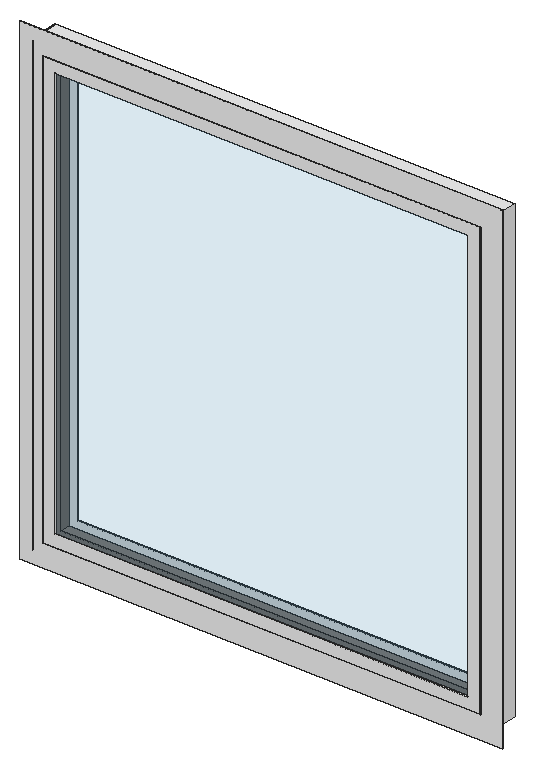
Revit family "Casement_34_G_Top_Hung_Standard", category Windows, host Wall, Revit 2014
Parameters (values of type "Casement_Sash_DG")
  Width Sash [instance] = 30 mm
  Width Sash Inner = 15 mm
  Width Bead = 15 mm
  Top Hung [instance] = yes
  Side Hung Right [instance] = yes
  Side Hung Left [instance] = yes
  Sash Opening Width [instance] = 600 mm
  Sash Opening Height [instance] = 600.312 mm
  Sash Lip = 15 mm
  Glazing Material [instance] = Glass
  DG Start Piece 2 [instance] = DG End Piece 1 + DG Gasket Thickness  # 25 mm
  DG Start Peice 1 [instance] = (Depth Sash - (2 * DG Glazing Thickness) - DG Gasket Thickness) / 2  # 6.6 mm
  Glazing Offset = 5 mm
  DG Glazing Thickness [instance] = 6.4 mm
  DG Gasket Thickness = 12 mm  # constant formula
  DG Gasket Material [instance] = Double Glazing Gasket Material
  DG End Piece 2 [instance] = DG Start Piece 2 + DG Glazing Thickness  # 31.4 mm
  DG End Piece 1 [instance] = DG Start Peice 1 + DG Glazing Thickness  # 13 mm
  Depth Sash [instance] = 38 mm
  Center Vertical Sash [instance] = Sash Opening Height / 2  # 300.156 mm
  Center Horizontal Sash [instance] = Sash Opening Width / 2  # 300 mm
  Bottom Hung [instance] = yes
  Bead Offset = 15 mm
  Aluminium Thickness = 1 mm
  Aluminium Material [instance] = White Powder Coated Aluminium
Reference planes
  plane 1 "Center (Front/Back)": y = 0
  plane 2: z = 0
  plane 3 "Center (Left/Right)": x = 0
Forms (mm)
  Sweep 1, solid, material "White Powder Coated Aluminium" <- "Aluminium Material"
    path origin (16.177, 0, 121.331) x (1, 0, 0) y (0, 0, 1)
      loop
        line (0, 0) -> (600, 0) -> (600, 600.312) -> (0, 600.312) -> (0, 0)
    profile origin (316.177, 0, 121.331) x (0, 0, 1) y (0, -1, 0)
      loop
        line (0, 0) -> (30, 0) -> (30, 1) -> (15, 1) -> (15, 38) -> (-15, 38) -> (-15, 37) -> (0, 37) -> (0, 0)
      loop
        line (14, 1) -> (14, 37) -> (1, 37) -> (1, 1) -> (14, 1)
  Sweep 2, solid, material "White Powder Coated Aluminium" <- "Aluminium Material"
    path origin (0, 0, 0) x (1, 0, 0) y (0, 0, 1)
      loop
        line (31.177, 706.643) -> (31.177, 136.331) -> (601.177, 136.331) -> (601.177, 706.643) -> (31.177, 706.643)
    profile origin (316.177, 0, 706.643) x (0, 0, 1) y (0, -1, 0)
      loop
        line (0, 37) -> (0, 38) -> (-15, 38) -> (-15, 37) -> (0, 37)
  Extrusion 3, solid, material "Glass" <- "Glazing Material"
    sketch origin (0, 0, 0) x (1, 0, 0) y (0, 0, 1)
      loop
        line (36.177, 701.643) -> (36.177, 141.331) -> (596.177, 141.331) -> (596.177, 701.643) -> (36.177, 701.643)
    from 6.6 <- "DG Start Peice 1" to 13 <- "DG End Piece 1"
  Extrusion 4, solid, material "Glass" <- "Glazing Material"
    sketch origin (0, 0, 0) x (1, 0, 0) y (0, 0, 1)
      loop
        line (36.177, 701.643) -> (36.177, 141.331) -> (596.177, 141.331) -> (596.177, 701.643) -> (36.177, 701.643)
    from 31.4 <- "DG End Piece 2" to 25 <- "DG Start Piece 2"
  Sweep 5, solid, material "Double Glazing Gasket Material" <- "DG Gasket Material"
    path origin (0, -13, 0) x (1, 0, 0) y (0, 0, 1)
      loop
        line (36.177, 701.643) -> (36.177, 141.331) -> (596.177, 141.331) -> (596.177, 701.643) -> (36.177, 701.643)
    profile origin (316.177, -13, 701.643) x (0, 0, 1) y (0, -1, 0)
      loop
        line (0, 0) -> (0, 12) -> (-7.96, 12) -> (-7.96, 0) -> (0, 0)
Lines and regions (mm)
  model lines
    curve 1: line (1.177, -38, 736.643) -> (31.177, -38, 706.643)
    curve 2: line (601.177, -38, 706.643) -> (631.177, -38, 736.643)
    curve 3: line (601.177, -38, 136.331) -> (631.177, -38, 106.331)
    curve 4: line (1.177, -38, 106.331) -> (31.177, -38, 136.331)
    curve 5: line (631.177, -37, 736.643) -> (616.177, -37, 721.643)
    curve 6: line (1.177, -37, 736.643) -> (16.177, -37, 721.643)
    curve 7: line (1.177, -37, 106.331) -> (16.177, -37, 121.331)
    curve 8: line (631.177, -37, 106.331) -> (616.177, -37, 121.331)
    curve 9: line (616.177, 0, 121.331) -> (586.177, 0, 151.331)
    curve 10: line (46.177, 0, 151.331) -> (16.177, 0, 121.331)
    curve 11: line (616.177, 0, 721.643) -> (586.177, 0, 691.643)
    curve 12: line (46.177, 0, 691.643) -> (16.177, 0, 721.643)
    curve 13: line (31.177, -38, 691.643) -> (46.177, -38, 691.643)
    curve 14: line (586.177, -38, 691.643) -> (601.177, -38, 691.643)
    curve 15: line (586.177, -38, 151.331) -> (601.177, -38, 151.331)
    curve 16: line (31.177, -38, 151.331) -> (46.177, -38, 151.331)
  model lines, style "GenericModelHiddenLines", visible <- "Top Hung"
    curve 17: line (46.386, -31.4, 690.914) -> (316.177, -31.4, 151.331)
    curve 18: line (316.177, -31.4, 151.331) -> (586.177, -31.4, 691.331)
  model lines, style "GenericModelHiddenLines", visible <- "Bottom Hung"
    curve 19: line (46.177, -31.4, 151.331) -> (316.177, -31.4, 691.331)
    curve 20: line (316.177, -31.4, 691.331) -> (586.177, -31.4, 151.331)
  model lines, style "GenericModelHiddenLines", visible <- "Side Hung Left"
    curve 21: line (46.386, -31.4, 690.914) -> (585.24, -31.4, 421.487)
    curve 22: line (585.24, -31.4, 421.487) -> (46.177, -31.4, 151.331)
  model lines, style "GenericModelHiddenLines", visible <- "Side Hung Right"
    curve 23: line (586.177, -31.4, 691.331) -> (46.177, -31.4, 421.487)
    curve 24: line (46.177, -31.4, 421.487) -> (586.177, -31.4, 151.331)
Dimensions and locks
  "Aluminium Thickness": Sweep 1 sketch curve to Sweep 1 sketch curve  (x4)
  "Depth Sash": Sweep 1 sketch curve to Sweep 1 sketch curve
  "Sash Opening Width": Sweep 1 to Sweep 1
  "Sash Opening Height": Sweep 1 to Sweep 1
  "Width Sash": Sweep 1 sketch curve to Sweep 1 sketch curve  (x2)
  "Width Sash Inner": Sweep 1 sketch curve to Sweep 1 sketch curve
  "Sash Lip": Sweep 1 sketch curve to Sweep 1 sketch curve
  "Aluminium Thickness": Sweep 1 to Sweep 2 sketch curve
  "Glazing Offset": Sweep 2 to Extrusion 3 sketch curve  (x3)
  "Glazing Offset": Extrusion 3 sketch curve to Sweep 2
  Sweep 1 to Sweep 1 = 1 mm
  "Aluminium Thickness": Sweep 2 sketch curve to Sweep 2 sketch curve
  "Width Bead": Sweep 2 sketch curve to Sweep 2 sketch curve
  locked: Sweep 5 sketch curve to Sweep 5 sketch curve at 7.96
  "Center Horizontal Sash": Sweep 1 to curve 18
  "Center Horizontal Sash": Sweep 1 to curve 20
  "Center Vertical Sash": Sweep 1 to curve 22
  "Center Vertical Sash": Sweep 1 to curve 24
  aligned and locked: level to plane 2
  aligned and locked: Sweep 1 sketch curve to Sweep 1 sketch curve  (x2)
  aligned and locked: Sweep 2 sketch curve to Sweep 1  (x5)
  aligned and locked: Extrusion 4 sketch curve to Extrusion 3  (x4)
  aligned and locked: Sweep 5 sketch curve to Extrusion 3  (x5)
  aligned and locked: Extrusion 3 to Sweep 5 sketch curve
Automatic sketch dimensions
  plane 3 "Center (Left/Right)" to Sweep 1 sketch curve = 16.177 mm
  level to Sweep 1 sketch curve = 121.331 mm
  plane 3 "Center (Left/Right)" to Sweep 1 sketch curve = 616.177 mm
  level to Sweep 1 sketch curve = 721.643 mm
  profile plane to Sweep 5 sketch curve = 12 mm
  curve 7 to Sweep 1 = 0 mm  (x4)
  curve 6 to Sweep 1 = 0 mm  (x3)
  Sweep 1 to curve 6 = 0 mm
  curve 5 to Sweep 1 = 0 mm  (x3)
  curve 8 to Sweep 1 = 0 mm  (x4)
  Sweep 1 to curve 5 = 0 mm
  curve 16 to Sweep 2 = 0 mm  (x3)
  curve 13 to Sweep 2 = 0 mm  (x3)
  curve 15 to Sweep 2 = 0 mm
  Sweep 2 to curve 15 = 0 mm  (x2)
  curve 14 to Sweep 2 = 0 mm  (x2)
  Sweep 2 to curve 14 = 0 mm
  curve 1 to Sweep 1 = 0 mm  (x4)
  curve 4 to Sweep 1 = 0 mm  (x3)
  Sweep 1 to curve 4 = 0 mm
  curve 3 to Sweep 1 = 0 mm  (x3)
  curve 2 to Sweep 1 = 0 mm  (x4)
  Sweep 1 to curve 3 = 0 mm
  curve 10 to Sweep 1 = 0 mm  (x4)
  curve 12 to Sweep 1 = 0 mm  (x3)
  Sweep 1 to curve 12 = 0 mm
  curve 9 to Sweep 1 = 0 mm  (x4)
  curve 11 to Sweep 1 = 0 mm  (x3)
  Sweep 1 to curve 11 = 0 mm
  Sweep 1 sketch curve to plane 1 "Center (Front/Back)" = 0 mm
  profile plane to Sweep 1 sketch curve = 0 mm
  curve 21 to Extrusion 4 = 10.208 mm
  curve 19 to Extrusion 4 = 10 mm
  curve 23 to Extrusion 4 = 10 mm  (x2)
  curve 22 to Extrusion 4 = 10.937 mm
  curve 20 to Extrusion 4 = 10 mm
  curve 24 to Extrusion 4 = 10 mm
  curve 22 to Extrusion 4 = 10 mm
  curve 18 to Extrusion 4 = 10 mm
  curve 21 to Extrusion 4 = 10.729 mm
  curve 19 to Extrusion 4 = 10.312 mm
  curve 18 to Extrusion 4 = 10.312 mm
Types in the file's own list only (12): name | Windload Design | Width Sash Opening | Width Sash 2 | Width Sash 1 | Width Profile | Width Panel 4 | Width Panel 2 | Width Panel 1 | Width | URL | Rough Width | Max System DG Unit Thickness | Max System DG One Piece Thickness | Max Pane Area | Limit Sash Height Bottom Min | Limit Sash Height Bottom Max | Limit Sash Bottom Height Max Based On Top Sash | Limit Fixed Pane Width Min | Limit Fixed Pane Width Max | Limit Fixed Pane Height Min | Limit Fixed Pane Height Max | Intruderprufe U Value | Intruderprufe SHGC Value | Intruderprufe LowE U Value | Intruderprufe LowE SHGC Value | Height Sash Top Opening | Height Sash Bottom Opening | Height | Energy Advantage U Value | Energy Advantage SHGC Value | DG Thickness Calc | Custom Window Width | Custom Window Height | Custom Windload | Custom Sash Width | Sash Spacing Inner | Sash Overlap | Sash Center Offset | SG Gasket Thickness | Offset Window Exterior | Offset Sash Left | Offset Sash 2 Top | Offset Sash 1 Top | Offset Panel 4 Left | Offset Mullion Left | Offset Transom 1 Top | Offset Bead SG Center Reversed | Model | Manufacturer | Limit Window Width Min | Limit Window Width Max | Limit Window Height Max | Limit Sash Width Min | Limit Sash Width Max | Limit Sash Height Top Min | Limit Sash Height Top Max | Length Transom | Length Mullion | Height Sash 2 | Height Sash 1 | Height Panel 4 | Height Panel 2 | Height Panel 1 | Description | Depth Mullion | Frame Center Offset | Depth Bead | Default Sill Height | Wall Closure | DG Gasket Finish | DG Extrusion Start | Mullion Depth Windload Based | Window Exterior Offset | Custom Sash Height Top | Custom Sash Height Bottom | Clearvue U Value | Clearvue SHGC Value | Clearvue Insulated U Value | Clearvue Insulated SHGC Value | Clearvue Insulated LowE U Value | Clearvue Insulated LowE SHGC Value | Casement Dimension | Bottom Hung | Bead SG Gap | Area Pane Right | Area Pane Left Top | Area Pane Left Bottom
  34-1212DT-1000Pa | 1000 mm | 569 mm | 539 mm | 539 mm | 30 mm | 545 mm | 555 mm | 555 mm | 1190 mm | "http://www.crealco.co.za/crealco-products.php" | 16 mm | 20 mm | 4 mm | 0.60 m² | 300 mm | 900 mm | 1229 mm | 200 mm | 1500 mm | 200 mm | 1800 mm | 8.08 | 0.768 | 6.03 | 0.682 | 569 mm | 569 mm | 1200 mm | 6.26 | 0.729 | 4 mm | 1190 mm | 1190 mm | 1000 mm | 569 mm | 8 mm | 7 mm | 14 mm | 6 mm | 17 mm | 23 mm | 608 mm | 23 mm | 615 mm | 585 mm | 585 mm | 17 mm | "Casement 34" | "Crealco" | 845 mm | 2145 mm | 1860 mm | 300 mm | 1200 mm | 300 mm | 900 mm | 555 mm | 1200 mm | 539 mm | 539 mm | 1140 mm | 555 mm | 555 mm | "Window 34mm, Type G top hung" | 35 mm | 17 mm | 20 mm | 800 mm | By host | Double Glazing Gasket Material | 7 mm | 35 mm | 0 mm | 569 mm | 569 mm | 8.2 | 0.814 | 5.43 | 0.723 | 4.66 | 0.658 | 34 mm | No | 13 mm | 0.60 m² | 0.25 m² | 0.25 m²
  34-1212DT-1500Pa | 1500 mm | 569 mm | 539 mm | 539 mm | 30 mm | 545 mm | 555 mm | 555 mm | 1190 mm | "http://www.crealco.co.za/crealco-products.php" | 16 mm | 20 mm | 4 mm | 0.60 m² | 300 mm | 900 mm | 1229 mm | 200 mm | 1500 mm | 200 mm | 1800 mm | 7.92 | 0.766 | 6.12 | 0.684 | 569 mm | 569 mm | 1200 mm | 6.35 | 0.73 | 4 mm | 1190 mm | 1190 mm | 1500 mm | 569 mm | 8 mm | 7 mm | 14 mm | 6 mm | 17 mm | 23 mm | 608 mm | 23 mm | 615 mm | 585 mm | 585 mm | 17 mm | "Casement 34" | "Crealco" | 845 mm | 2145 mm | 1860 mm | 300 mm | 1200 mm | 300 mm | 900 mm | 555 mm | 1200 mm | 539 mm | 539 mm | 1140 mm | 555 mm | 555 mm | "Window 34mm, Type G top hung" | 54 mm | 17 mm | 20 mm | 800 mm | By host | Double Glazing Gasket Material | 7 mm | 54 mm | 0 mm | 569 mm | 569 mm | 8.23 | 0.814 | 5.35 | 0.737 | 4.78 | 0.659 | 34 mm | No | 13 mm | 0.60 m² | 0.25 m² | 0.25 m²
  34-1212DT-2000Pa | 2000 mm | 569 mm | 539 mm | 539 mm | 30 mm | 545 mm | 555 mm | 555 mm | 1190 mm | "http://www.crealco.co.za/crealco-products.php" | 16 mm | 20 mm | 4 mm | 0.60 m² | 300 mm | 900 mm | 1229 mm | 200 mm | 1500 mm | 200 mm | 1800 mm | 7.92 | 0.766 | 6.12 | 0.684 | 569 mm | 569 mm | 1200 mm | 6.35 | 0.73 | 4 mm | 1190 mm | 1190 mm | 2000 mm | 569 mm | 8 mm | 7 mm | 14 mm | 6 mm | 17 mm | 23 mm | 608 mm | 23 mm | 615 mm | 585 mm | 585 mm | 17 mm | "Casement 34" | "Crealco" | 845 mm | 2145 mm | 1860 mm | 300 mm | 1200 mm | 300 mm | 900 mm | 555 mm | 1200 mm | 539 mm | 539 mm | 1140 mm | 555 mm | 555 mm | "Window 34mm, Type G top hung" | 54 mm | 17 mm | 20 mm | 800 mm | By host | Double Glazing Gasket Material | 7 mm | 54 mm | 0 mm | 569 mm | 569 mm | 8.23 | 0.814 | 5.35 | 0.737 | 4.78 | 0.659 | 34 mm | No | 13 mm | 0.60 m² | 0.25 m² | 0.25 m²
  34-1512DT-1000Pa | 1000 mm | 569 mm | 539 mm | 539 mm | 30 mm | 845 mm | 555 mm | 555 mm | 1490 mm | "http://www.crealco.co.za/crealco-products.php" | 16 mm | 20 mm | 4 mm | 0.94 m² | 300 mm | 900 mm | 1229 mm | 200 mm | 1500 mm | 200 mm | 1800 mm | 8.6 | 0.873 | 6.25 | 0.773 | 569 mm | 569 mm | 1200 mm | 6.5 | 0.827 | 4 mm | 1490 mm | 1190 mm | 1000 mm | 569 mm | 8 mm | 7 mm | 14 mm | 6 mm | 17 mm | 23 mm | 608 mm | 23 mm | 615 mm | 585 mm | 585 mm | 17 mm | "Casement 34" | "Crealco" | 845 mm | 2145 mm | 1860 mm | 300 mm | 1200 mm | 300 mm | 900 mm | 555 mm | 1200 mm | 539 mm | 539 mm | 1140 mm | 555 mm | 555 mm | "Window 34mm, Type G top hung" | 35 mm | 17 mm | 20 mm | 800 mm | By host | Double Glazing Gasket Material | 7 mm | 35 mm | 0 mm | 569 mm | 569 mm | 8.47 | 0.924 | 5.53 | 0.82 | 4.67 | 0.746 | 34 mm | No | 13 mm | 0.94 m² | 0.25 m² | 0.25 m²
  34-1512DT-1500Pa | 1500 mm | 569 mm | 539 mm | 539 mm | 30 mm | 845 mm | 555 mm | 555 mm | 1490 mm | "http://www.crealco.co.za/crealco-products.php" | 16 mm | 20 mm | 4 mm | 0.94 m² | 300 mm | 900 mm | 1229 mm | 200 mm | 1500 mm | 200 mm | 1800 mm | 8.46 | 0.871 | 6.33 | 0.775 | 569 mm | 569 mm | 1200 mm | 6.58 | 0.828 | 4 mm | 1490 mm | 1190 mm | 1500 mm | 569 mm | 8 mm | 7 mm | 14 mm | 6 mm | 17 mm | 23 mm | 608 mm | 23 mm | 615 mm | 585 mm | 585 mm | 17 mm | "Casement 34" | "Crealco" | 845 mm | 2145 mm | 1860 mm | 300 mm | 1200 mm | 300 mm | 900 mm | 555 mm | 1200 mm | 539 mm | 539 mm | 1140 mm | 555 mm | 555 mm | "Window 34mm, Type G top hung" | 54 mm | 17 mm | 20 mm | 800 mm | By host | Double Glazing Gasket Material | 7 mm | 54 mm | 0 mm | 569 mm | 569 mm | 8.81 | 0.924 | 5.47 | 0.832 | 4.77 | 0.747 | 34 mm | No | 13 mm | 0.94 m² | 0.25 m² | 0.25 m²
  34-1512DT-2000Pa | 2000 mm | 569 mm | 539 mm | 539 mm | 30 mm | 845 mm | 555 mm | 555 mm | 1490 mm | "http://www.crealco.co.za/crealco-products.php" | 16 mm | 20 mm | 4 mm | 0.94 m² | 300 mm | 900 mm | 1229 mm | 200 mm | 1500 mm | 200 mm | 1800 mm | 8.46 | 0.871 | 6.33 | 0.775 | 569 mm | 569 mm | 1200 mm | 6.58 | 0.828 | 4 mm | 1490 mm | 1190 mm | 2000 mm | 569 mm | 8 mm | 7 mm | 14 mm | 6 mm | 17 mm | 23 mm | 608 mm | 23 mm | 615 mm | 585 mm | 585 mm | 17 mm | "Casement 34" | "Crealco" | 845 mm | 2145 mm | 1860 mm | 300 mm | 1200 mm | 300 mm | 900 mm | 555 mm | 1200 mm | 539 mm | 539 mm | 1140 mm | 555 mm | 555 mm | "Window 34mm, Type G top hung" | 54 mm | 17 mm | 20 mm | 800 mm | By host | Double Glazing Gasket Material | 7 mm | 54 mm | 0 mm | 569 mm | 569 mm | 8.81 | 0.924 | 5.47 | 0.832 | 4.77 | 0.747 | 34 mm | No | 13 mm | 0.94 m² | 0.25 m² | 0.25 m²
  34-1812DT-1000Pa | 1000 mm | 900 mm | 870 mm | 870 mm | 30 mm | 814 mm | 886 mm | 886 mm | 1790 mm | "http://www.crealco.co.za/crealco-products.php" | 16 mm | 20 mm | 4 mm | 0.91 m² | 300 mm | 900 mm | 1229 mm | 200 mm | 1500 mm | 200 mm | 1800 mm | 7.99 | 0.821 | 5.81 | 0.727 | 569 mm | 569 mm | 1200 mm | 6.03 | 0.778 | 4 mm | 1790 mm | 1190 mm | 1000 mm | 900 mm | 8 mm | 7 mm | 14 mm | 6 mm | 17 mm | 23 mm | 608 mm | 23 mm | 946 mm | 916 mm | 585 mm | 17 mm | "Casement 34" | "Crealco" | 1176 mm | 2476 mm | 1860 mm | 300 mm | 1200 mm | 300 mm | 900 mm | 886 mm | 1200 mm | 539 mm | 539 mm | 1140 mm | 555 mm | 555 mm | "Window 34mm, Type G top hung" | 35 mm | 17 mm | 20 mm | 800 mm | By host | Double Glazing Gasket Material | 7 mm | 35 mm | 0 mm | 569 mm | 569 mm | 8.14 | 0.869 | 5.11 | 0.771 | 4.3 | 0.701 | 34 mm | No | 13 mm | 0.91 m² | 0.41 m² | 0.41 m²
  34-1812DT-1500Pa | 1500 mm | 900 mm | 870 mm | 870 mm | 30 mm | 814 mm | 886 mm | 886 mm | 1790 mm | "http://www.crealco.co.za/crealco-products.php" | 16 mm | 20 mm | 4 mm | 0.91 m² | 300 mm | 900 mm | 1229 mm | 200 mm | 1500 mm | 200 mm | 1800 mm | 7.88 | 0.82 | 5.87 | 0.728 | 569 mm | 569 mm | 1200 mm | 6.09 | 0.778 | 4 mm | 1790 mm | 1190 mm | 1500 mm | 900 mm | 8 mm | 7 mm | 14 mm | 6 mm | 17 mm | 23 mm | 608 mm | 23 mm | 946 mm | 916 mm | 585 mm | 17 mm | "Casement 34" | "Crealco" | 1176 mm | 2476 mm | 1860 mm | 300 mm | 1200 mm | 300 mm | 900 mm | 886 mm | 1200 mm | 539 mm | 539 mm | 1140 mm | 555 mm | 555 mm | "Window 34mm, Type G top hung" | 54 mm | 17 mm | 20 mm | 800 mm | By host | Double Glazing Gasket Material | 7 mm | 54 mm | 0 mm | 569 mm | 569 mm | 8.19 | 0.869 | 5.06 | 0.78 | 4.39 | 0.702 | 34 mm | No | 13 mm | 0.91 m² | 0.41 m² | 0.41 m²
  34-1812DT-2000Pa | 2000 mm | 900 mm | 870 mm | 870 mm | 30 mm | 814 mm | 886 mm | 886 mm | 1790 mm | "http://www.crealco.co.za/crealco-products.php" | 16 mm | 20 mm | 4 mm | 0.91 m² | 300 mm | 900 mm | 1229 mm | 200 mm | 1500 mm | 200 mm | 1800 mm | 7.88 | 0.82 | 5.87 | 0.728 | 569 mm | 569 mm | 1200 mm | 6.09 | 0.778 | 4 mm | 1790 mm | 1190 mm | 2000 mm | 900 mm | 8 mm | 7 mm | 14 mm | 6 mm | 17 mm | 23 mm | 608 mm | 23 mm | 946 mm | 916 mm | 585 mm | 17 mm | "Casement 34" | "Crealco" | 1176 mm | 2476 mm | 1860 mm | 300 mm | 1200 mm | 300 mm | 900 mm | 886 mm | 1200 mm | 539 mm | 539 mm | 1140 mm | 555 mm | 555 mm | "Window 34mm, Type G top hung" | 54 mm | 17 mm | 20 mm | 800 mm | By host | Double Glazing Gasket Material | 7 mm | 54 mm | 0 mm | 569 mm | 569 mm | 8.19 | 0.869 | 5.06 | 0.78 | 4.39 | 0.702 | 34 mm | No | 13 mm | 0.91 m² | 0.41 m² | 0.41 m²
  34-2412DT-1000Pa | 1000 mm | 900 mm | 870 mm | 870 mm | 30 mm | 1414 mm | 886 mm | 886 mm | 2390 mm | "http://www.crealco.co.za/crealco-products.php" | 16 mm | 20 mm | 4 mm | 1.59 m² | 300 mm | 900 mm | 1229 mm | 200 mm | 1500 mm | 200 mm | 1800 mm | 5.85 | 0.648 | 4.22 | 0.574 | 569 mm | 569 mm | 1200 mm | 7.9 | 0 | 4 mm | 2390 mm | 1190 mm | 1000 mm | 900 mm | 8 mm | 7 mm | 14 mm | 6 mm | 17 mm | 23 mm | 608 mm | 23 mm | 946 mm | 916 mm | 585 mm | 17 mm | "Casement 34" | "Crealco" | 1176 mm | 2476 mm | 1860 mm | 300 mm | 1200 mm | 300 mm | 900 mm | 886 mm | 1200 mm | 539 mm | 539 mm | 1140 mm | 555 mm | 555 mm | "Window 34mm, Type G top hung" | 54 mm | 17 mm | 20 mm | 800 mm | By host | Double Glazing Gasket Material | 7 mm | 54 mm | 0 mm | 569 mm | 569 mm | 7.9 | 0 | 3.58 | 0.615 | 3.04 | 0.553 | 34 mm | No | 13 mm | 1.59 m² | 0.41 m² | 0.41 m²
  34-2412DT-1500Pa | 1500 mm | 900 mm | 870 mm | 870 mm | 30 mm | 1414 mm | 886 mm | 886 mm | 2390 mm | "http://www.crealco.co.za/crealco-products.php" | 16 mm | 20 mm | 4 mm | 1.59 m² | 300 mm | 900 mm | 1229 mm | 200 mm | 1500 mm | 200 mm | 1800 mm | 5.85 | 0.648 | 4.22 | 0.574 | 569 mm | 569 mm | 1200 mm | 7.9 | 0 | 4 mm | 2390 mm | 1190 mm | 1500 mm | 900 mm | 8 mm | 7 mm | 14 mm | 6 mm | 17 mm | 23 mm | 608 mm | 23 mm | 946 mm | 916 mm | 585 mm | 17 mm | "Casement 34" | "Crealco" | 1176 mm | 2476 mm | 1860 mm | 300 mm | 1200 mm | 300 mm | 900 mm | 886 mm | 1200 mm | 539 mm | 539 mm | 1140 mm | 555 mm | 555 mm | "Window 34mm, Type G top hung" | 54 mm | 17 mm | 20 mm | 800 mm | By host | Double Glazing Gasket Material | 7 mm | 54 mm | 0 mm | 569 mm | 569 mm | 7.9 | 0 | 3.58 | 0.615 | 3.04 | 0.553 | 34 mm | No | 13 mm | 1.59 m² | 0.41 m² | 0.41 m²
  34-2412DT-2000Pa | 2000 mm | 900 mm | 870 mm | 870 mm | 30 mm | 1414 mm | 886 mm | 886 mm | 2390 mm | "http://www.crealco.co.za/crealco-products.php" | 16 mm | 20 mm | 4 mm | 1.59 m² | 300 mm | 900 mm | 1229 mm | 200 mm | 1500 mm | 200 mm | 1800 mm | 5.85 | 0.648 | 4.22 | 0.574 | 569 mm | 569 mm | 1200 mm | 7.9 | 0 | 4 mm | 2390 mm | 1190 mm | 2000 mm | 900 mm | 8 mm | 7 mm | 14 mm | 6 mm | 17 mm | 23 mm | 608 mm | 23 mm | 946 mm | 916 mm | 585 mm | 17 mm | "Casement 34" | "Crealco" | 1176 mm | 2476 mm | 1860 mm | 300 mm | 1200 mm | 300 mm | 900 mm | 886 mm | 1200 mm | 539 mm | 539 mm | 1140 mm | 555 mm | 555 mm | "Window 34mm, Type G top hung" | 54 mm | 17 mm | 20 mm | 800 mm | By host | Double Glazing Gasket Material | 7 mm | 54 mm | 0 mm | 569 mm | 569 mm | 7.9 | 0 | 3.58 | 0.615 | 3.04 | 0.553 | 34 mm | No | 13 mm | 1.59 m² | 0.41 m² | 0.41 m²
